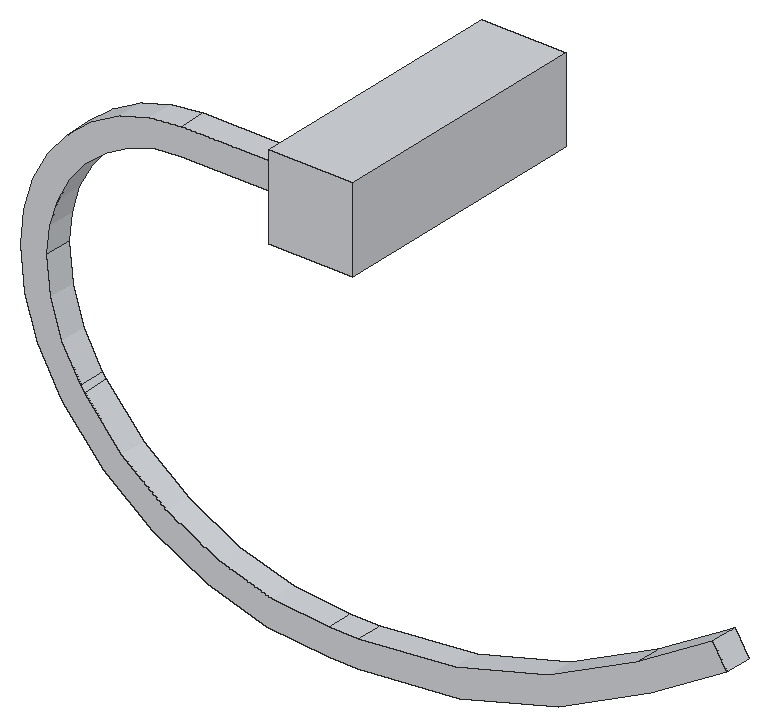
Revit family "Reece_Accessory_Mizu_Bloc MK2_Towel Ring", category Plumbing Fixtures, Revit 2018
Family settings
  Round Connector Dimension = Use Diameter
  Part Type = Normal
  Work Plane-Based = Yes
  Always vertical = Yes
  Cut with Voids When Loaded = Yes
  Shared = Yes
  Room Calculation Point = Yes
Parameters
  URL = "https://www.reece.com.au/product/-2263387"
  Type Comments = "Accessory"
  Reece_Product_Web Page = "https://www.reece.com.au/product/-2263387"
  Reece_Product_Type = "Accessory"  # constant formula
  Reece_Product_Sub Brand = "Bloc MK2"  # constant formula
  Reece_Product_Number = "2263387"
  Reece_Product_Mount = "Wall Mounted"
  Reece_Product_Description = "Mizu Bloc MK2 Towel Ring Chrome"
  Reece_Product_Brand = "Mizu"  # constant formula
  Reece_Overall_Width = 210 mm  # constant formula
  Reece_Overall_Projection = 79 mm  # constant formula
  Reece_Overall_Height = 134.5 mm  # constant formula
  Reece_Material_Main = Reece_Brass_Chrome
  Reece_Height_From_Level [instance] = 500 mm
  Reece_Detail_Installation = "Wall Mounted"  # constant formula
  Reece_Detail_Disclaimer = "THIS FILE IS THE PROPERTY OF THE REECE GROUP. IT MAY NOT BE REPRODUCED, REVERSE-ENGINEERED OR MODIFIED. ANY REPUBLICATION, TRANSMISSION OR DISTRIBUTION FOR THE PURPOSE OF COMMERCIALLY EXPLOITING THE FILES IS PROHIBITED."  # constant formula
  Reece_Detail_Additional = "Towel Ring"  # constant formula
  Model = "Bloc MK2"
  Manufacturer = "Mizu"
  Keynote = "Product #2263387, Reece_Accessory_Mizu_Bloc MK2_Towel Ring -  "
  Disclaimer = "THIS FILE IS THE PROPERTY OF THE REECE GROUP. IT MAY NOT BE REPRODUCED, REVERSE-ENGINEERED OR MODIFIED. ANY REPUBLICATION, TRANSMISSION OR DISTRIBUTION FOR THE PURPOSE OF COMMERCIALLY EXPLOITING THE FILES IS PROHIBITED."  # constant formula
  Description = "Mizu Bloc MK2 Towel Ring Chrome"
  Default Elevation = 0 mm
Types (3, lengths in mm): name | URL | Reece_Product_Web Page | Reece_Product_Number | Reece_Product_Description | Reece_Material_Main | Keynote | Description
  (no name) | "https://www.reece.com.au/product/-2263387" | "https://www.reece.com.au/product/-2263387" | "2263387" | "Mizu Bloc MK2 Towel Ring Chrome" | Reece_Brass_Chrome | "Product #2263387, Reece_Accessory_Mizu_Bloc MK2_Towel Ring -  " | "Mizu Bloc MK2 Towel Ring Chrome"
  Chrome | "https://www.reece.com.au/product/-2263387" | "https://www.reece.com.au/product/-2263387" | "2263387" | "Mizu Bloc MK2 Towel Ring Chrome" | Reece_Brass_Chrome | "Product #2263387, Reece_Accessory_Mizu_Bloc MK2_Towel Ring - Chrome" | "Mizu Bloc MK2 Towel Ring Chrome"
  Matte Black | "https://www.reece.com.au/product/-9508787" | "https://www.reece.com.au/product/-9508787" | "9508787" | "Mizu Bloc MK2 Towel Ring Matte Black" | Reece_Brass_Matte Black | "Product #9508787, Reece_Accessory_Mizu_Bloc MK2_Towel Ring - Matte Black" | "Mizu Bloc MK2 Towel Ring Matte Black"
Reference planes
  plane 1 "Center (Front/Back)": y = 0
  plane 2 "Bottom Host Plane": z = -5
  plane 3 "Center (Left/Right)": x = 0
  plane 4 "Height From Floor": z = 500
  plane 5: y = -67
  plane 6: y = -79
  plane 7: z = 512.5
  plane 8: x = -105
  plane 9: x = 105
  plane 10: z = 378
  plane 11: x = -8.783
Lines and regions (mm)
  model lines, style "InvisibleLines"
    curve 1: line (0, 0, -5) -> (0, 0, 500)
Text (mm)
  text "Reece ©" at (2668.853, -2395.367, 2952.593), in view "Reece Preview"
  text "Reece Copyright © 2018, Reece Ltd." at (-247.475, -190.626, 0), in view "Ref. Level"
Dimensions and locks
  plane 2 "Bottom Host Plane" to level = 5 mm
  locked: level to plane 2 "Bottom Host Plane" at 5
  "Reece_Height_From_Level": plane 4 "Height From Floor" to level
  "Reece_Overall_Projection": plane 1 "Center (Front/Back)" to plane 6
  equal spacing: plane 8, plane 3 "Center (Left/Right)", plane 9
  "Reece_Overall_Width": plane 8 to plane 9
  "Reece_Overall_Height": plane 7 to plane 10
  locked: plane 7 to plane 4 "Height From Floor" at 12.5
  plane 5 to plane 1 "Center (Front/Back)" = 67 mm
  aligned and locked: plane 2 "Bottom Host Plane" to curve 1
  aligned and locked: nested 1 to plane 8
  aligned and locked: plane 7 to nested 1
Automatic sketch dimensions
  plane 3 "Center (Left/Right)" to curve 1 = 0 mm
  curve 1 to plane 4 "Height From Floor" = 0 mm
Nested families
  nested 1: "Reece_Accessory_Mizu_Bloc MK2_Towel Ring_Nested" at (4, 0, 500) x (1, 0, 0) z (0, -1, 0), Reece_Material_Main <- "Reece_Material_Main", type "Chrome"
    with Reece_Material_Main Reece_Brass_Chrome
Definition of nested family "Reece_Accessory_Mizu_Bloc MK2_Towel Ring_Nested"
  Parameters (values of type "Chrome")
    WFU = 0  # constant formula
    Reece_Overall_Length = 210 mm
    Reece_Material_Main [instance] = none
    HWFU = 0  # constant formula
    Default Elevation = 1000 mm
    CWFU = 0  # constant formula
  Reference planes
    plane 1 "Center (Front/Back)": y = 0
    plane 2: z = 0
    plane 3 "Center (Left/Right)": x = -4
    plane 4: x = -109
    plane 5: x = 101
  Forms (mm)
    Extrusion 1, solid
      sketch origin (619.2, -619.2, 0) x (1, 0, 0) y (0, 1, 0)
        loop
          line (-714.004, 715.618) -> (-714.004, 527.891) -> (-529.957, 527.891) -> (-529.957, 715.618) -> (-714.004, 715.618)
      from 0 to -30
    Sweep 2, solid, material <- "Reece_Material_Main"
      path origin (-23.275, 0, 67) x (0, 1, 0) y (-1, 0, 0)
        loop
          line (0, -10.492) -> (0, 37.742)
          arc (0, 37.742) -> (-12.882, 68.843) -> (-43.983, 81.725) r 43.983
          arc (-43.983, 81.725) -> (-61.608, 79.009) -> (-77.599, 71.115) r 58.558
          arc (-77.599, 71.115) -> (-78.471, 70.498) -> (-79.339, 69.874) r 129.613
          arc (-79.339, 69.874) -> (-107.777, 36.595) -> (-118, -5.97) r 93.723
          line (-118, -5.97) -> (-118, -14.713)
          arc (-118, -14.713) -> (-111.999, -58.808) -> (-94.433, -99.695) r 165
          line (-94.433, -99.695) -> (-80.881, -122.248)
      profile origin (-36.9, 0, 67) x (0, -1, 0) y (0, 0, 1)
        loop
          line (4, 4) -> (-4, 4) -> (-4, -4) -> (4, -4) -> (4, 4)
    Extrusion 3, solid, material <- "Reece_Material_Main"
      sketch origin (-16.233, 0, 0) x (1, 0, 0) y (0, 1, 0)
        loop
          line (-12.5, -12.5) -> (12.5, -12.5) -> (12.5, 12.5) -> (-12.5, 12.5) -> (-12.5, -12.5)
      from 0 to 79
  Cuts and joins
    joined: Sweep 2, Extrusion 3
  Text (mm)
    text "Reece Copyright © 2018, Reece Ltd." at (-378.57, -123.478, 0), in view "Ref. Level"
    text "Reece ©" at (408.528, -766.776, 506.903), in view "Reece_Preview"
  Dimensions and locks
    equal spacing: plane 4, plane 3 "Center (Left/Right)", plane 5
    "Reece_Overall_Length": plane 4 to plane 5
    aligned and locked: plane 2 to Extrusion 1
    aligned and locked: level to Extrusion 1
  Automatic sketch dimensions
    Extrusion 1 sketch curve to Extrusion 1 sketch curve = 184.047 mm
    Extrusion 1 sketch curve to Extrusion 1 sketch curve = 187.727 mm
    Sweep 2 sketch curve to plane 3 "Center (Left/Right)" = 4.562 mm
    plane 1 "Center (Front/Back)" to Sweep 2 sketch curve = 24.277 mm
    plane 1 "Center (Front/Back)" to Sweep 2 sketch curve = 3.192 mm
    Sweep 2 sketch curve to plane 1 "Center (Front/Back)" = 0 mm
    Sweep 2 sketch curve to Sweep 2 sketch curve = 47 mm
    Sweep 2 sketch curve to Sweep 2 sketch curve = 8.743 mm
    Sweep 2 sketch curve to Sweep 2 sketch curve = 14.575 mm
    Sweep 2 sketch curve to Sweep 2 sketch curve = 13.552 mm
    Sweep 2 sketch curve to Sweep 2 sketch curve = 0 mm  (x3)
    Sweep 2 sketch curve to plane 3 "Center (Left/Right)" = 8.783 mm
    profile plane to Sweep 2 sketch curve = 4 mm  (x2)
    Sweep 2 sketch curve to profile plane = 4 mm  (x2)
    plane 3 "Center (Left/Right)" to Extrusion 3 sketch curve = 0.267 mm
    plane 1 "Center (Front/Back)" to Extrusion 3 sketch curve = 12.5 mm
    Extrusion 3 sketch curve to Extrusion 3 sketch curve = 25 mm
    plane 1 "Center (Front/Back)" to Sweep 2 sketch curve = 43.983 mm
    plane 1 "Center (Front/Back)" to Sweep 2 sketch curve = 94.433 mm
    Sweep 2 sketch curve to Sweep 2 sketch curve = 74.017 mm
    plane 3 "Center (Left/Right)" to Sweep 2 sketch curve = 15.738 mm
    Sweep 2 sketch curve to Sweep 2 sketch curve = 29.137 mm
    Extrusion 3 sketch curve to plane 3 "Center (Left/Right)" = 24.733 mm
